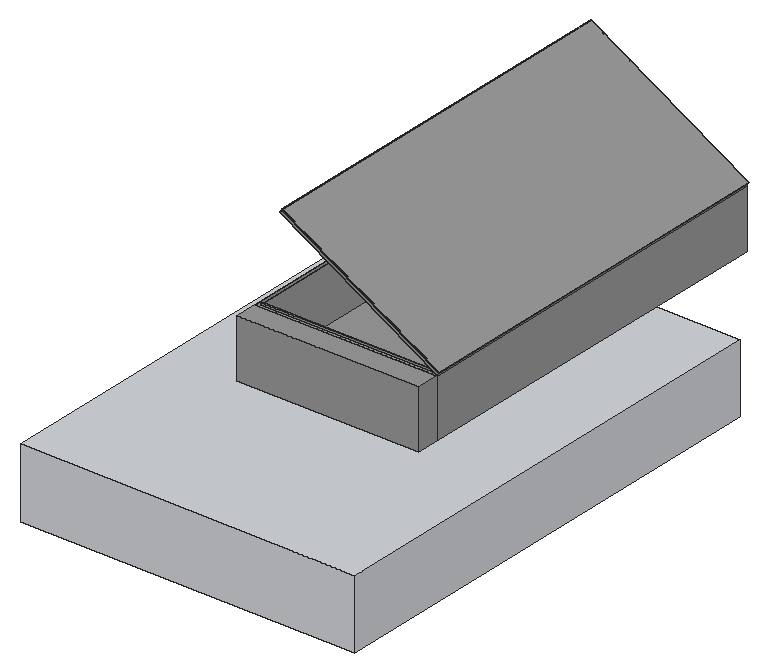
Revit family "Hager-Univers-IP55-D275-H1800-Cl.II-Steel_encl-DE-de", category Equipement électrique, Revit 2020
Family settings
  Hôte = Face
  Configuration du panneau = Deux colonnes, circuits au sein
  Cote de connecteur circulaire = Utiliser le diamètre
  Type d'élément = Tableau de raccordement
  Couper avec des vides une fois chargée = Non
  Partagée = Non
  Point de calcul de pièce = Non
Parameters (values of type "Bodenaufstellung IP55 B800 H1800 T275  - FR13S1")
  Width Control [instance] = if([EF000008 - Breite] > Min Width, [EF000008 - Breite], Min Width)  # 800 mm
  Commentaires du type = [HG000003 - Bereich]  # "Univers"
  Thickness Door [instance] = if([EF009171 - Materialstärke Tür/Deckel] > 3 mm, 3 mm, [EF009171 - Materialstärke Tür/Deckel])  # 1.5 mm
  Seal Frame Offset [instance] = 17 mm  # constant formula
  Plinth Visibility [instance] = [HG000027 - Sockelhöhe] > 0 mm  # yes
  Model = ""
  Min Width [instance] = 100 mm  # constant formula
  Min Height [instance] = 100 mm  # constant formula
  Min Depth [instance] = (2 * [EF009170 - Materialstärke Gehäuse]) + 1 mm  # 4 mm
  Internal Frame Depth [instance] = (Door System Depth * 0.5)  # 9 mm
  Height Control [instance] = if([EF000040 - Höhe] > Min Height, [EF000040 - Höhe], Min Height)  # 1800 mm
  HG000027 - Sockelhöhe = 100 mm
  HG000026 - Stehend auf dem Boden = yes
  HG000024 - Höhe des unteren Teils = 800 mm
  HG000023 - Gehäuse mit doppeltem Querschnitt = no
  HG000016 - 3D-Türsichtbarkeit [instance] = yes
  HG000015 - Sichtbarkeit der Türöffnung [instance] = no
  HG000014 - Tür rechts [instance] = yes
  HG000013 - Tür links [instance] = not([HG000014 - Tür rechts])  # no
  HG000012 - Türschwenkwinkel [instance] = 30.00°
  HG000010 - Asymmetrische Türen = no
  HG000009 - Doppelflügeligen Tür = no
  HG000006 - Unterputz = no
  HG000004 - Herstellerreferenz = "FR13S1"
  HG000003 - Bereich = "Univers"
  HG000002 - Mit tür = yes
  Frame Offset Bottom [instance] = 10 mm  # constant formula
  Frame Offset [instance] = 15 mm  # constant formula
  EF015940 - Deckel mit Überdruckentlastung = no
  EF011959 - Schutzart (NEMA) = ""
  EF009554 - Anzahl der Öffnungen für Flanschplatten = 6
  Fabricant = "Hager"  # constant formula
  EF009212 - Ausführung Deckel = "EV000116 - geschlossen"
  EF009171 - Materialstärke Tür/Deckel = 1.5 mm
  EF009170 - Materialstärke Gehäuse = 1.5 mm
  EF008873 - Nennstrom (In) = 800 A
  EF007800 - Geeignet für Blitzschutz = no
  EF006306 - Mit Schloss = no
  EF006244 - Transparenter Deckel/Tür = no
  EF005474 - Schutzart (IP) = "EV006420 - IP55"
  EF004464 - Art der Tür = "EV002646 - Einzel"
  EF004427 - Anzahl der Module = 396
  EF004293 - Schlagfestigkeit = "EV008784 - IK10"
  EF003532 - Geeignet für Außengebrauch = no
  EF002950 - Breite in Teilungseinheiten = 24
  EF001613 - Funktionserhalt = "EV000494 - ohne"
  EF001596 - Werkstoff des Gehäuses = "EV000179 - Stahl"
  EF001131 - Innentiefe = 275 mm
  EF001088 - Anbaumöglichkeit = yes
  EF000437 - Anzahl der Leitungseinführungen = 6
  EF000339 - Art der Abdeckung = "EV004216 - Tür"
  EF000266 - Anzahl der Reihen = 11
  EF000218 - Einbautiefe = 0 mm
  EF000118 - Mit Montageplatte = no
  EF000116 - RAL-Nummer = "7035"
  EF000049 - Tiefe = 275 mm
  EF000040 - Höhe = 1800 mm
  EF000008 - Breite = 800 mm
  EF000007 - Farbe = "EV000270 - grau"
  EF000003 - Montageart = "EV012274 - Bodenaufstellung"
  Door System Leaf Tolerance [instance] = 1.5 mm  # constant formula
  Door System Depth [instance] = 18 mm  # constant formula
  Door Height [instance] = Height Control - [HG000027 - Sockelhöhe]  # 1700 mm
  Depth Control [instance] = if([EF000049 - Tiefe] > Min Depth, [EF000049 - Tiefe], Min Depth)  # 275 mm
  Default Elevation = 0 mm
  Connector Offset [instance] = Height Control / 2  # 900 mm
  Bottom Top Plate Trim [instance] = 1.5 mm  # constant formula
  Plinth height Ctrl [instance] = if([HG000027 - Sockelhöhe] > 0 mm, [HG000027 - Sockelhöhe], 12 mm)  # 100 mm
Types (5, lengths in mm): name | Width Control | HG000010 - Asymmetrische Türen | HG000009 - Doppelflügeligen Tür | HG000004 - Herstellerreferenz | EF009554 - Anzahl der Öffnungen für Flanschplatten | EF004464 - Art der Tür | EF004427 - Anzahl der Module | EF000437 - Anzahl der Leitungseinführungen | EF000008 - Breite
  Bodenaufstellung IP55 B1050 H1800 T275  - FR14S1 | 1050 | yes | yes | "FR14S1" | 8 | "EV003602 - Doppel" | 528 | 8 | 1050
  Bodenaufstellung IP55 B1300 H1800 T275  - FR15S1 | 1300 | yes | yes | "FR15S1" | 10 | "EV003602 - Doppel" | 660 | 10 | 1300
  Bodenaufstellung IP55 B300 H1800 T275  - FR11S1 | 300 | no | no | "FR11S1" | 2 | "EV002646 - Einzel" | 132 | 2 | 300
  Bodenaufstellung IP55 B550 H1800 T275  - FR12S1 | 550 | no | no | "FR12S1" | 4 | "EV002646 - Einzel" | 264 | 4 | 550
  Bodenaufstellung IP55 B800 H1800 T275  - FR13S1 | 800 | no | no | "FR13S1" | 6 | "EV002646 - Einzel" | 396 | 6 | 800
Reference planes
  plane 1 "Center (Front/Back)": y = 0
  plane 2: z = 0
  plane 3 "Center (Left/Right)": x = 0
  plane 4: z = 275
  plane 5: y = 101.5
  plane 6: y = 950
  plane 7: y = 100
  plane 8: y = 1800
  plane 9: z = 0
  plane 10: x = -385
  plane 11: x = 385
  plane 12: x = 383.5
  plane 13: x = -383.5
  plane 14: y = 1798.5
  plane 15: x = -383
  plane 16: x = -400
  plane 17: x = 383
  plane 18: x = 400
  plane 19: x = 398.5
  plane 20: x = -398.5
  plane 21: y = 111.5
  plane 22: y = 1800
  plane 23: y = 1783.5
  plane 24: z = 257
  plane 25: z = 1.5
  plane 26: z = 255.5
  plane 27: z = 273.5
Forms (mm)
  Extrusion 1, solid
    sketch origin (0, 0, 0) x (1, 0, 0) y (0, 1, 0)
      loop
        line (-702.964, 1305) -> (-702.964, -811.445) -> (766.763, -811.445) -> (766.763, 1305) -> (-702.964, 1305)
    from 0 to -304.8
  Extrusion 2, solid, material "Hager_Steel_RAL7035_Light_Grey", visible <- "Plinth Visibility", detail levels medium+fine
    sketch origin (0, 0, 0) x (1, 0, 0) y (0, 1, 0)
      loop
        line (-400, 0) -> (400, 0) -> (400, 100) -> (-400, 100) -> (-400, 0)
    from 0 to 257
  Extrusion 3, solid, material "Hager_Steel_RAL7035_Light_Grey", detail levels medium+fine
    sketch origin (0, 0, 0) x (1, 0, 0) y (0, 1, 0)
      loop
        line (-400, 100) -> (400, 100) -> (400, 1800) -> (-400, 1800) -> (-400, 100)
    from 0 to 257
  Extrusion 4, void
    sketch origin (0, 0, 0) x (1, 0, 0) y (0, 1, 0)
      loop
        line (-398.5, 101.5) -> (398.5, 101.5) -> (398.5, 1798.5) -> (-398.5, 1798.5) -> (-398.5, 101.5)
    from 1.5 to 255.5
  Extrusion 5, void
    sketch origin (-381.607, -4572, 257) x (0, -1, 0) y (-1, 0, 0)
      loop
        line (-4683.5, 1.893) -> (-6355.5, 1.893) -> (-6355.5, -765.107) -> (-4683.5, -765.107) -> (-4683.5, 1.893)
    from 0 to 1.5 <- "EF009170 - Materialstärke Gehäuse"
  Extrusion 6, solid, material "Hager_Steel_RAL7035_Light_Grey", detail levels fine
    sketch origin (0, 0, 257) x (1, 0, 0) y (0, 1, 0)
      loop
        line (-383.5, 1783.5) -> (-383.5, 111.5) -> (383.5, 111.5) -> (383.5, 1783.5) -> (-383.5, 1783.5)
      loop
        line (-385, 110) -> (385, 110) -> (385, 1785) -> (-385, 1785) -> (-385, 110)
    from 0 to 9 <- "Internal Frame Depth"
  Extrusion 7, solid, material "Hager_Steel_RAL7035_Light_Grey", detail levels coarse
    sketch origin (0, 0, 0) x (1, 0, 0) y (0, 1, 0)
      loop
        line (-400, 0) -> (400, 0) -> (400, 1800) -> (-400, 1800) -> (-400, 0)
    from 0 to 275
  Sweep 8, void
    path in 3D
      loop
        line (-400, 100, 0) -> (400, 100, 0) -> (400, 100, 257) -> (-400, 100, 257) -> (-400, 100, 0)
    profile origin (-400, 100, 128.5) x (-1, 0, 0) y (0, -1, 0)
      loop
        line (0, 0) -> (0, 1.5) -> (-1.5, 1.5)
        arc (-1.5, 1.5) -> (-1.061, 0.439) -> (0, 0) r 1.5
Cuts and joins
  Extrusion 4, Extrusion 5 cuts Extrusion 3
  Sweep 8 cuts Extrusion 2
Lines and regions (mm)
  Masking region 1
    outline origin (0, 0, 0) x (1, 0, 0) y (0, 0, 1)
      loop
        line (-400, 275) -> (-400, 0) -> (400, 0) -> (400, 275) -> (-400, 275)
  Masking region 2, detail levels medium+fine
    outline origin (0, 140, 0) x (0, 1, 0) y (0, 0, 1)
      loop
        line (-40, 0) -> (1660, 0) -> (1660, 257) -> (-40, 257) -> (-40, 0)
  Masking region 3, not visible, detail levels medium+fine
    outline origin (0, 297.922, 0) x (0, 1, 0) y (0, 0, 1)
      loop
        line (663.578, 0) -> (703.578, 0) -> (703.578, 263.5)
        arc (703.578, 263.5) -> (700.649, 270.571) -> (693.578, 273.5) r 10
        line (693.578, 273.5) -> (663.578, 273.5) -> (663.578, 0)
  Masking region 4, detail levels coarse
    outline origin (0, 0, 180) x (0, 1, 0) y (0, 0, 1)
      loop
        line (0, -180) -> (1800, -180) -> (1800, 95) -> (0, 95) -> (0, -180)
  Masking region 5, visible <- "Plinth Visibility", detail levels medium+fine
    outline origin (0, 52.24, 12.345) x (0, 0, -1) y (0, 1, 0)
      loop
        line (10.845, 47.76) -> (-243.155, 47.76)
        arc (-243.155, 47.76) -> (-243.594, 46.699) -> (-244.655, 46.26) r 1.5
        line (-244.655, 46.26) -> (-244.655, -52.24) -> (12.345, -52.24) -> (12.345, 46.26)
        arc (12.345, 46.26) -> (11.285, 46.699) -> (10.845, 47.76) r 1.5
  Masking region 6, detail levels medium+fine
    outline origin (-381.607, -4572, 257) x (-1, 0, 0) y (0, -1, 0)
      loop
        line (18.393, -6372) -> (18.393, -4672) -> (-781.607, -4672) -> (-781.607, -6372) -> (18.393, -6372)
  Masking region 7, visible <- "Plinth Visibility", detail levels medium+fine
    outline origin (-381.607, -4727, 257) x (-1, 0, 0) y (0, -1, 0)
      loop
        arc (16.893, -4827) -> (17.332, -4825.939) -> (18.393, -4825.5) r 1.5
        line (18.393, -4825.5) -> (18.393, -4727) -> (-781.607, -4727) -> (-781.607, -4825.5)
        arc (-781.607, -4825.5) -> (-780.546, -4825.939) -> (-780.107, -4827) r 1.5
        line (-780.107, -4827) -> (16.893, -4827)
  Masking region 8, detail levels coarse
    outline origin (-442.548, -4669.526, 257) x (-1, 0, 0) y (0, -1, 0)
      loop
        line (-42.548, -6469.526) -> (-42.548, -4669.526) -> (-842.548, -4669.526) -> (-842.548, -6469.526) -> (-42.548, -6469.526)
  sketch lines
    curve 1: line (-400, 100, 257) -> (-400, 100, 0)
    curve 2: line (400, 100, 257) -> (-400, 100, 257)
    curve 3: line (400, 100, 257) -> (400, 100, 0)
    curve 4: line (-400, 100, 0) -> (400, 100, 0)
Dimensions and locks
  "Depth Control": plane 4 to Extrusion 1
  "HG000027 - Sockelhöhe": plane 1 "Center (Front/Back)" to plane 7
  "EF009170 - Materialstärke Gehäuse": plane 5 to plane 7
  locked: connector elem to plane 3 "Center (Left/Right)"
  equal spacing: plane 8, plane 6, plane 7
  locked: connector elem to plane 6
  "EF009170 - Materialstärke Gehäuse": plane 8 to plane 14
  "EF009170 - Materialstärke Gehäuse": plane 10 to plane 13
  "EF009170 - Materialstärke Gehäuse": plane 12 to plane 11
  "Frame Offset": plane 20 to plane 13
  "Frame Offset": plane 12 to plane 19
  "EF009170 - Materialstärke Gehäuse": plane 16 to plane 20
  "EF009170 - Materialstärke Gehäuse": plane 19 to plane 18
  "Seal Frame Offset": plane 16 to plane 15
  "Seal Frame Offset": plane 17 to plane 18
  "Frame Offset Bottom": plane 21 to plane 5
  "Frame Offset": plane 14 to plane 23
  equal spacing: plane 16, plane 3 "Center (Left/Right)", plane 18
  "Width Control": plane 16 to plane 18
  "EF009170 - Materialstärke Gehäuse": plane 4 to plane 27
  "EF009170 - Materialstärke Gehäuse": plane 24 to plane 26
  "EF009170 - Materialstärke Gehäuse": plane 25 to level
  "Door System Depth": plane 4 to plane 24
  "Height Control": plane 1 "Center (Front/Back)" to Extrusion 7 sketch curve
  "Height Control": Masking region 4 sketch curve to plane 1 "Center (Front/Back)"
  "Height Control": plane 1 "Center (Front/Back)" to plane 22
  "Bottom Top Plate Trim": profile plane to Sweep 8 sketch curve
  "Bottom Top Plate Trim": Sweep 8 sketch curve to profile plane
  "Plinth height Ctrl": plane 1 "Center (Front/Back)" to Extrusion 2 sketch curve
  "Plinth height Ctrl": Masking region 5 sketch curve to plane 1 "Center (Front/Back)"
  "Plinth height Ctrl": plane 1 "Center (Front/Back)" to Masking region 7 sketch curve
  "Thickness Door": Extrusion 6 sketch curve to Extrusion 6 sketch curve  (x3)
  "Thickness Door": cut or joined group of Extrusion 3, Extrusion 4, Extrusion 5 to Extrusion 6 sketch curve
  radius of Masking region 3 sketch curve = 10 mm
  "Bottom Top Plate Trim": radius of Masking region 5 sketch curve  (x2)
  "Bottom Top Plate Trim": radius of Sweep 8 sketch curve
  "Bottom Top Plate Trim": radius of Masking region 7 sketch curve  (x2)
  aligned and locked: plane 2 to Extrusion 1
  aligned and locked: level to Extrusion 1
  aligned and locked: level to Masking region 1 sketch curve
  aligned and locked: Masking region 1 sketch curve to plane 18
  aligned and locked: Masking region 1 sketch curve to plane 16
  aligned and locked: plane 7 to Masking region 2 sketch curve
  aligned and locked: level to Masking region 3 sketch curve
  aligned and locked: Masking region 3 sketch curve to plane 27
  aligned and locked: level to Masking region 2 sketch curve
  aligned and locked: plane 1 "Center (Front/Back)" to Extrusion 2 sketch curve
  aligned and locked: Extrusion 3 sketch curve to plane 7
  aligned and locked: plane 16 to Extrusion 3 sketch curve
  aligned and locked: plane 18 to Extrusion 3 sketch curve
  aligned and locked: plane 20 to Extrusion 4 sketch curve
  aligned and locked: plane 19 to Extrusion 4 sketch curve
  aligned and locked: Extrusion 4 sketch curve to plane 5
  aligned and locked: Extrusion 4 to plane 25
  aligned and locked: plane 26 to Extrusion 4
  aligned and locked: plane 24 to Extrusion 3
  aligned and locked: Extrusion 5 sketch curve to plane 21
  aligned and locked: Extrusion 5 sketch curve to plane 13
  aligned and locked: Extrusion 5 sketch curve to plane 12
  aligned and locked: plane 18 to Extrusion 7 sketch curve
  aligned and locked: plane 1 "Center (Front/Back)" to Extrusion 7 sketch curve
  aligned and locked: plane 16 to Extrusion 7 sketch curve
  aligned and locked: plane 4 to Extrusion 7
  aligned and locked: Extrusion 7 to level
  aligned and locked: level to Masking region 4 sketch curve
  aligned and locked: Masking region 4 sketch curve to plane 1 "Center (Front/Back)"
  aligned and locked: Masking region 4 sketch curve to plane 4
  aligned and locked: nested 1 to level
  aligned and locked: nested 1 to plane 16
  aligned and locked: plane 8 to Extrusion 3 sketch curve
  aligned and locked: plane 23 to Extrusion 5 sketch curve
  aligned and locked: plane 14 to Extrusion 4 sketch curve
  aligned and locked: Masking region 2 sketch curve to plane 8
  aligned and locked: level to Masking region 5 sketch curve
  aligned and locked: plane 16 to Extrusion 2 sketch curve
  aligned and locked: plane 18 to Extrusion 2 sketch curve
  aligned and locked: Masking region 5 sketch curve to plane 24
  aligned and locked: Masking region 2 sketch curve to plane 24
  aligned and locked: plane 24 to Extrusion 2
  aligned and locked: profile plane to Sweep 8 sketch curve  (x2)
  aligned and locked: Masking region 6 sketch curve to plane 18
  aligned and locked: Masking region 6 sketch curve to plane 22
  aligned and locked: Masking region 6 sketch curve to plane 16
  aligned and locked: plane 8 to plane 22
  aligned and locked: Masking region 6 sketch curve to plane 7
  aligned and locked: Masking region 7 sketch curve to plane 16
  aligned and locked: Masking region 7 sketch curve to plane 1 "Center (Front/Back)"
  aligned and locked: Masking region 7 sketch curve to plane 18
  aligned and locked: Masking region 8 sketch curve to plane 1 "Center (Front/Back)"
  aligned and locked: Masking region 8 sketch curve to plane 18
  aligned and locked: Masking region 8 sketch curve to plane 22
  aligned and locked: Masking region 8 sketch curve to plane 16
  aligned and locked: nested 2 to plane 7
  aligned and locked: plane 3 "Center (Left/Right)" to nested 2
  aligned and locked: nested 2 to plane 24
  aligned and locked: Extrusion 6 sketch curve to cut or joined group of Extrusion 3, Extrusion 4, Extrusion 5  (x4)
Automatic sketch dimensions
  Extrusion 1 sketch curve to Extrusion 1 sketch curve = 1469.727 mm
  Extrusion 1 sketch curve to Extrusion 1 sketch curve = 2116.445 mm
  Masking region 1 sketch curve to plane 4 = 0 mm
  plane 6 to Masking region 3 sketch curve = 11.5 mm
  Masking region 3 sketch curve to Masking region 3 sketch curve = 30 mm
  Masking region 5 sketch curve to plane 1 "Center (Front/Back)" = 0 mm
Nested families
  nested 1: "Hager_Enclosure_Symbol" at (-400, 0, 0) x (1, 0, 0) z (0, -1, 0), Height <- "Depth Control", Width <- "Width Control", type "Hager_Enclosure_Symbol"
    with Width_Ctrl 800 mm, Width 800 mm, Height_Ctrl 275 mm, Height 275 mm, A_Width_Int 18.047 mm, A_Width 216.562 mm, A_Height_Ctrl 240.625 mm, A_Height 240.625 mm
  nested 2: "EC000058_Univers_Door" at (0, 100, 257) x (1, 0, 0) z (0, 1, 0), Leaf_Tolerance <- "Door System Leaf Tolerance", Angle <- "HG000012 - Türschwenkwinkel", Door_Depth <- "Door System Depth", Door_Left <- "HG000013 - Tür links", Transparent <- "EF006244 - Transparenter Deckel/Tür", Assymetrical <- "HG000010 - Asymmetrische Türen", Width <- "Width Control", Clearance <- "HG000015 - Sichtbarkeit der Türöffnung", Double <- "HG000009 - Doppelflügeligen Tür", 3d_Door <- "HG000016 - 3D-Türsichtbarkeit", Lock_Visibility <- "EF006306 - Mit Schloss", Width_Ctrl <- "Width Control", Door_Right <- "HG000014 - Tür rechts", Door <- "HG000002 - Mit tür", Height <- "Door Height", Thickness <- "Thickness Door", type "EC000058_Univers_Door", detail levels medium+fine
    with min_wh 4 mm, Width_Ctrl 800 mm, Width 800 mm, Transparent no, Thickness 1.5 mm, Seal_Material Hager_Rubber, Lock_Visibility no, Lock_Material Hager_Plastic_RAL9005_Jet_Black, Leaf_Width 800 mm, Leaf_Tolerance_External_Sides 0 mm, Leaf_Tolerance 1.5 mm, Leaf_Offset 0 mm, Leaf_Height 1697 mm, Leaf_2_Width 800 mm, Leaf_2_Offset 400 mm, Leaf_1_Width 800 mm, Leaf_1_Offset 400 mm, Height_Ctrl 1700 mm, Height 1700 mm, Glass_Material Hager_Glass, Double_Clearance_Ctrl no, Double no, Door_Right_Ctrl yes, Door_Right yes, Door_Material Hager_Steel_RAL7035_Light_Grey, Door_Left_Ctrl no, Door_Left no, Door_Depth 18 mm, Door yes, Clearance_Material Hager_Clearance, Clearance_Depth 800 mm, Clearance_Ctrl no, Clearance no, Assymetrical no, Angle 30.00°, 3d_Door yes
Connectors
  electrical at (0, 950, 0)
    settings: on plane 9, index 1, voltage 0 V, apparent load 0 VA, apparent load phase1 0 VA, apparent load phase2 0 VA, apparent load phase3 0 VA, power factor 1, load classification "Other", number of poles 1, system type 30, power factor state 1, is connector primary yes, connector utility no, sub classification motor no, connector description ""
Definition of nested family "EC000058_Univers_Door"
  Parameters (values of type "EC000058_Univers_Door")
    min_wh [instance] = (2 * Thickness) + 1 mm  # 11 mm
    Width_Ctrl [instance] = 400 mm
    Width [instance] = 500 mm
    Transparent [instance] = yes
    Thickness [instance] = 5 mm
    Seal_Material [instance] = none
    Lock_Visibility [instance] = yes
    Lock_Material [instance] = none
    Leaf_Width [instance] = if((Width_Ctrl - 2 * Leaf_Tolerance_External_Sides) > 0 mm, (Width_Ctrl - 2 * Leaf_Tolerance_External_Sides), min_wh)  # 400 mm
    Leaf_Tolerance_External_Sides [instance] = 0 mm  # constant formula
    Leaf_Tolerance [instance] = 1.5 mm
    Leaf_Offset [instance] = 0 mm  # constant formula
    Leaf_Height [instance] = if((Height_Ctrl - 2 * Leaf_Tolerance) > 0 mm, (Height_Ctrl - 2 * Leaf_Tolerance), min_wh)  # 497 mm
    Leaf_2_Width [instance] = if(and(and(Double, Assymetrical), Door_Left), (Leaf_Width / 3) - (Leaf_Tolerance / 2), if(and(and(Double, Assymetrical), Door_Right), (Leaf_Width / 3) * 2 - (Leaf_Tolerance / 2), if(and(Double, not(Assymetrical)), (Leaf_Width / 2) - Leaf_Tolerance, Leaf_Width)))  # 400 mm
    Leaf_2_Offset [instance] = if(and(Double, Assymetrical), Leaf_2_Width / 2, if(and(Double, not(Assymetrical)), Leaf_Width / 4, Leaf_Width / 2))  # 200 mm
    Leaf_1_Width [instance] = if(and(and(Double, Assymetrical), Door_Right), (Leaf_Width / 3) - (Leaf_Tolerance / 2), if(and(and(Double, Assymetrical), Door_Left), (Width / 3) * 2 - (Leaf_Tolerance / 2), if(and(Double, not(Assymetrical)), (Leaf_Width / 2) - Leaf_Tolerance, Leaf_Width)))  # 400 mm
    Leaf_1_Offset [instance] = if(and(Double, Assymetrical), Leaf_1_Width / 2, if(and(Double, not(Assymetrical)), Leaf_Width / 4, Leaf_Width / 2))  # 200 mm
    Height_Ctrl [instance] = if(Height > min_wh, Height, min_wh)  # 500 mm
    Height [instance] = 500 mm
    Glass_Material [instance] = none
    Double_Clearance_Ctrl [instance] = and(Double, Clearance)  # no
    Double [instance] = no
    Door_Right_Ctrl [instance] = and(or(Door_Right, Double), Door)  # yes
    Door_Right [instance] = yes
    Door_Material [instance] = none
    Door_Left_Ctrl [instance] = and(or(Door_Left, Double), Door)  # no
    Door_Left [instance] = no
    Door_Depth [instance] = 30 mm
    Door [instance] = yes
    Default Elevation = 1219.2 mm
    Clearance_Material [instance] = none
    Clearance_Depth [instance] = if(Leaf_1_Width > Leaf_2_Width, Leaf_1_Width, Leaf_2_Width)  # 400 mm
    Clearance_Ctrl [instance] = and(not(Double), Clearance)  # yes
    Clearance [instance] = yes
    Assymetrical [instance] = yes
    Angle [instance] = 30.00°
    3d_Door [instance] = yes
  Reference planes
    plane 1 "Center (Front/Back)": y = 0
    plane 2 "Bottom": z = 0
    plane 3 "Center (Left/Right)": x = 0
    plane 4: z = 500
    plane 5: x = -200
    plane 6: x = 200
    plane 7: z = 500
    plane 8: x = -200
    plane 9: z = 0
    plane 10: x = 200
    plane 11: y = 0
    plane 12: z = 1.5
    plane 13: x = -600
    plane 14: y = -400
    plane 15: x = 600
    plane 16: x = 0
    plane 17: x = 0
    plane 18: x = -200
    plane 19: x = 200
    plane 20: z = 498.5
  Forms (mm)
    Extrusion 1, solid, material <- "Clearance_Material", visible <- "Double_Clearance_Ctrl"
      sketch origin (1200, 0, 0) x (1, 0, 0) y (0, 0, -1)
        loop
          line (-1800, -498.5) -> (-600, -498.5) -> (-600, 0) -> (-1800, 0) -> (-1800, -498.5)
      from 0 to -400
  Dimensions and locks
    equal spacing: plane 5, plane 3 "Center (Left/Right)", plane 6
    "Width_Ctrl": plane 5 to plane 6
    "Leaf_Offset": plane 5 to plane 8
    "Leaf_Offset": plane 6 to plane 10
    "Leaf_Offset": plane 9 to level
    "Leaf_Offset": plane 4 to plane 7
    "Height_Ctrl": plane 4 to level
    "Leaf_Tolerance": plane 12 to plane 9
    locked: plane 11 to plane 1 "Center (Front/Back)"
    "Leaf_1_Offset": plane 18 to plane 16
    "Leaf_2_Offset": plane 17 to plane 19
    "Leaf_1_Width": plane 13 to plane 8
    "Leaf_2_Width": plane 10 to plane 15
    "Clearance_Depth": plane 14 to plane 1 "Center (Front/Back)"
    "Leaf_Tolerance_External_Sides": plane 8 to plane 18
    "Leaf_Tolerance_External_Sides": plane 19 to plane 10
    "Leaf_Tolerance": plane 7 to plane 20
    aligned and locked: level to plane 2 "Bottom"
    aligned and locked: nested 1 to plane 16
    aligned and locked: nested 2 to plane 17
    aligned and locked: Extrusion 1 to plane 13
    aligned and locked: plane 15 to Extrusion 1
    aligned and locked: Extrusion 1 to plane 14
    aligned and locked: plane 12 to nested 1
    aligned and locked: nested 2 to plane 12
    aligned and locked: Extrusion 1 to plane 11
    aligned and locked: plane 20 to Extrusion 1
    aligned and locked: nested 2 to plane 11
    aligned and locked: nested 1 to plane 11
  Automatic sketch dimensions
    Extrusion 1 sketch curve to level = 0 mm
    plane 5 to Extrusion 1 sketch curve = 400 mm
    plane 6 to Extrusion 1 sketch curve = 400 mm
    Extrusion 1 sketch curve to plane 4 = 1.5 mm
  Nested families
    nested 1: "EC000058_Univers_Door_Leaf" at (0, 0, 1.5), Width <- "Leaf_1_Width", visible <- "Door_Left_Ctrl", Leaf_Height <- "Leaf_Height", Angle <- "Angle", 3d_Door <- "3d_Door", Transparent <- "Transparent", Clearance Material <- "Clearance_Material", Clearance <- "Clearance_Ctrl", Door_Material <- "Door_Material", Glass_Material <- "Glass_Material", Door_Depth <- "Door_Depth", Lock_Material <- "Lock_Material", Seal_Material <- "Seal_Material", Lock_Visibility <- "Lock_Visibility", Thickness <- "Thickness", type "EC000058_Univers_Door_Leaf"
      with Width 400 mm, Transparent_Glass_Offset 30 mm, Transparent_Ctrl yes, Transparent yes, Thickness 5 mm, Standard no, Seal_Material none, Seal_D2 8 mm, Seal_D1 1 mm, Offset_Internal_Frame 10 mm, Lock_Width 20 mm, Lock_Visibility_3d yes, Lock_Visibility yes, Lock_Thickness_3 3 mm, Lock_Thickness_2 1 mm, Lock_Thickness_1 3 mm, Lock_Radius_Offset_2 16 mm, Lock_Radius_Offset_1 15 mm, Lock_Radius_2 5 mm, Lock_Radius 6 mm, Lock_Offset 5 mm, Lock_Material none, Lock_Height 80 mm, Lock_Cover_Top_Offset_2d 17 mm, Lock_Cover_Height -65 mm, Leaf_Height 497 mm, Internal_Seal_Thickness 8 mm, Internal_Seal_Depth_2 4.5 mm, Internal_Frame_Depth 25 mm, Glass_Thickness -1 mm, Glass_Offset -2 mm, Glass_Material none, Door_Material none, Door_Depth 30 mm, Clearance Material none, Clearance yes, Angle_Ctrl 30.00°, Angle 30.00°, 3d_Door yes
    nested 2: "EC000058_Univers_Door_Leaf" at (0, 0, 1.5) x (-1, 0, 0) z (0, 0, 1), Width <- "Leaf_2_Width", visible <- "Door_Right_Ctrl", Leaf_Height <- "Leaf_Height", Angle <- "Angle", 3d_Door <- "3d_Door", Transparent <- "Transparent", Clearance Material <- "Clearance_Material", Clearance <- "Clearance_Ctrl", Door_Material <- "Door_Material", Glass_Material <- "Glass_Material", Door_Depth <- "Door_Depth", Lock_Material <- "Lock_Material", Seal_Material <- "Seal_Material", Lock_Visibility <- "Lock_Visibility", Thickness <- "Thickness", type "EC000058_Univers_Door_Leaf"
      with Width 400 mm, Transparent_Glass_Offset 30 mm, Transparent_Ctrl yes, Transparent yes, Thickness 5 mm, Standard no, Seal_Material none, Seal_D2 8 mm, Seal_D1 1 mm, Offset_Internal_Frame 10 mm, Lock_Width 20 mm, Lock_Visibility_3d yes, Lock_Visibility yes, Lock_Thickness_3 3 mm, Lock_Thickness_2 1 mm, Lock_Thickness_1 3 mm, Lock_Radius_Offset_2 16 mm, Lock_Radius_Offset_1 15 mm, Lock_Radius_2 5 mm, Lock_Radius 6 mm, Lock_Offset 5 mm, Lock_Material none, Lock_Height 80 mm, Lock_Cover_Top_Offset_2d 17 mm, Lock_Cover_Height -65 mm, Leaf_Height 497 mm, Internal_Seal_Thickness 8 mm, Internal_Seal_Depth_2 4.5 mm, Internal_Frame_Depth 25 mm, Glass_Thickness -1 mm, Glass_Offset -2 mm, Glass_Material none, Door_Material none, Door_Depth 30 mm, Clearance Material none, Clearance yes, Angle_Ctrl 30.00°, Angle 30.00°, 3d_Door yes
  Definition of nested family "EC000058_Univers_Door_Leaf"
    Parameters (values of type "EC000058_Univers_Door_Leaf")
      Width [instance] = 2000 mm
      Transparent_Glass_Offset [instance] = 30 mm
      Transparent_Ctrl [instance] = and(Transparent, [3d_Door])  # yes
      Transparent [instance] = yes
      Thickness [instance] = 5 mm
      Standard [instance] = and(not(Transparent), [3d_Door])  # no
      Seal_Material [instance] = none
      Seal_D2 [instance] = 8 mm  # constant formula
      Seal_D1 [instance] = 1 mm  # constant formula
      Offset_Internal_Frame [instance] = 10 mm  # constant formula
      Lock_Width [instance] = 20 mm  # constant formula
      Lock_Visibility_3d [instance] = and(Lock_Visibility, [3d_Door])  # yes
      Lock_Visibility [instance] = yes
      Lock_Thickness_3 [instance] = 3 mm  # constant formula
      Lock_Thickness_2 [instance] = 1 mm  # constant formula
      Lock_Thickness_1 [instance] = 3 mm  # constant formula
      Lock_Radius_Offset_2 [instance] = Lock_Radius_Offset_1 + 1 mm  # 16 mm
      Lock_Radius_Offset_1 [instance] = 15 mm  # constant formula
      Lock_Radius_2 [instance] = Lock_Radius - 1 mm  # 5 mm
      Lock_Radius [instance] = 6 mm  # constant formula
      Lock_Offset [instance] = 5 mm  # constant formula
      Lock_Material [instance] = none
      Lock_Height [instance] = 80 mm  # constant formula
      Lock_Cover_Top_Offset_2d [instance] = Lock_Radius_Offset_2 + 1 mm  # 17 mm
      Lock_Cover_Height [instance] = -(Lock_Height - Lock_Radius_Offset_1)  # -65 mm
      Leaf_Height [instance] = 2720.336 mm
      Internal_Seal_Thickness [instance] = 8 mm  # constant formula
      Internal_Seal_Depth_2 [instance] = 4.5 mm  # constant formula
      Internal_Frame_Depth [instance] = if(Door_Depth - Thickness > 5 mm, Door_Depth - Thickness, 5 mm)  # 25 mm
      Glass_Thickness [instance] = if(Thickness > 15 mm, Glass_Offset + 10 mm, -1 mm)  # -1 mm
      Glass_Offset [instance] = if(Thickness > 15 mm, -(Thickness + 10 mm) / 2, -2 mm)  # -2 mm
      Glass_Material [instance] = none
      Door_Material [instance] = none
      Door_Depth [instance] = 30 mm
      Default Elevation = 0 mm
      Clearance Material [instance] = none
      Clearance [instance] = yes
      Angle_Ctrl [instance] = if(Angle > 180.00°, 180.00°, Angle)  # 90.00°
      Angle [instance] = 90.00°
      3d_Door [instance] = yes
    Reference planes
      plane 1 "Center (Front/Back)": y = 0
      plane 2: z = 0
      plane 3 "Center (Left/Right)": x = 0
      plane 4: y = 2000
      plane 5: x = -1000
      plane 6: x = 1000
      plane 7: x = -3000
      plane 8: z = 2720.336
      plane 9: z = 30
      plane 10: z = 2690.336
      plane 11: x = 970
      plane 12: x = -970
      plane 13: y = -3
      plane 14: z = 107.833
      plane 15: y = -5
      plane 16: y = -223.314
      plane 17: x = -1000
      plane 18: z = 1360.168
      plane 19: y = 30
    Forms (mm)
      Extrusion 1, solid, material <- "Clearance Material", visible <- "Clearance"
        sketch origin (0, 0, 0) x (1, 0, 0) y (0, 0, 1)
          loop
            line (-3000, 2720.336) -> (-3000, 0) -> (1000, 0) -> (1000, 2720.336) -> (-3000, 2720.336)
        from 0 to -2000
      Extrusion 2, solid, material <- "Door_Material", visible <- "Standard", detail levels medium+fine
        sketch origin (-1000, 0, 0) x (0, 1, 0) y (-1, 0, 0)
          loop
            line (0, 30) -> (0, 25) -> (2000, 25) -> (2000, 30) -> (0, 30)
        from 0 to 2720.336 <- "Leaf_Height"
      Extrusion 3, solid, material <- "Door_Material", visible <- "Transparent_Ctrl", detail levels medium+fine
        sketch origin (-1000, 0, 0) x (0, 1, 0) y (-1, 0, 0)
          loop
            line (0, 25) -> (2000, 25) -> (2000, 30) -> (0, 30) -> (0, 25)
        from 0 to 2720.336 <- "Leaf_Height"
      Extrusion 4, void
        sketch origin (-1025, 2000, 0) x (0, 1, 0) y (0, 0, -1)
          loop
            line (-30, -2690.336) -> (-30, -30) -> (-1970, -30) -> (-1970, -2690.336) -> (-30, -2690.336)
        from 0 to 5 <- "Thickness"
      Sweep 5, solid, material <- "Seal_Material", visible <- "Transparent_Ctrl", detail levels fine
        path in 3D
          loop
            line (-1025, 30, 30) -> (-1025, 30, 2690.336) -> (-1025, 1970, 2690.336) -> (-1025, 1970, 30) -> (-1025, 30, 30)
        profile origin (-1025, 1000, 30) x (1, 0, 0) y (0, 0, 1)
          loop
            line (0, 0) -> (0, -8) -> (1, -8) -> (1, 0) -> (0, 0)
      Extrusion 6, solid, material <- "Glass_Material", visible <- "Transparent_Ctrl", detail levels medium+fine
        sketch origin (-1030, 0, 0) x (0, 1, 0) y (0, 0, -1)
          loop
            line (1970, -2690.336) -> (1970, -30) -> (30, -30) -> (30, -2690.336) -> (1970, -2690.336)
        from -2 <- "Glass_Offset" to -1 <- "Glass_Thickness"
      Extrusion 7, solid, material <- "Door_Material", visible <- "3d_Door", detail levels medium+fine
        sketch origin (-1025, 2000, 0) x (0, -1, 0) y (0, 0, -1)
          loop
            line (0, -2720.336) -> (2000, -2720.336) -> (2000, 0) -> (0, 0) -> (0, -2720.336)
          loop
            line (1995, -5) -> (5, -5) -> (5, -2715.336) -> (1995, -2715.336) -> (1995, -5)
        from 0 to 25 <- "Internal_Frame_Depth"
      Sweep 8, solid, material <- "Seal_Material", visible <- "Transparent_Ctrl", detail levels fine
        path in 3D
          loop
            line (-1025, 0, 0) -> (-1025, 2000, 0) -> (-1025, 2000, 2720.336) -> (-1025, 0, 2720.336) -> (-1025, 0, 0)
        profile origin (-1025, 0, 1360.168) x (1, 0, 0) y (0, 1, 0)
          loop
            line (0, 10) -> (2.975, 10)
            arc (2.975, 10) -> (4.053, 10.447) -> (4.5, 11.525) r 1.525
            line (4.5, 11.525) -> (4.5, 16.527)
            arc (4.5, 16.527) -> (4.069, 17.569) -> (3.027, 18) r 1.473
            line (3.027, 18) -> (0, 18) -> (0, 10)
      Extrusion 9, solid, material <- "Lock_Material", visible <- "Lock_Visibility_3d", detail levels fine
        sketch origin (-1030, 0, 0) x (0, 1, 0) y (0, 0, -1)
          loop
            arc (1993.5, -1400.168) -> (1994.561, -1399.729) -> (1995, -1398.668) r 1.5
            line (1995, -1398.668) -> (1995, -1320.168) -> (1975, -1320.168) -> (1975, -1398.668)
            arc (1975, -1398.668) -> (1975.439, -1399.729) -> (1976.5, -1400.168) r 1.5
            line (1976.5, -1400.168) -> (1993.5, -1400.168)
        from 3 <- "Lock_Thickness_1" to 0
      Blend 10, solid, material <- "Lock_Material", visible <- "Lock_Visibility_3d", detail levels fine
        base sketch origin (-1033, 0, 0) x (0, 1, 0) y (0, 0, -1)
          loop
            line (1975, -1320.168) -> (1975, -1398.668)
            arc (1975, -1398.668) -> (1975.439, -1399.729) -> (1976.5, -1400.168) r 1.5
            line (1976.5, -1400.168) -> (1993.5, -1400.168)
            arc (1993.5, -1400.168) -> (1994.561, -1399.729) -> (1995, -1398.668) r 1.5
            line (1995, -1398.668) -> (1995, -1320.168) -> (1975, -1320.168)
        top sketch origin (-1033, 0, 0) x (0, 1, 0) y (0, 0, -1)
          loop
            line (1976, -1320.168) -> (1976, -1398.668)
            arc (1976, -1398.668) -> (1976.146, -1399.022) -> (1976.5, -1399.168) r 0.5
            line (1976.5, -1399.168) -> (1993.5, -1399.168)
            arc (1993.5, -1399.168) -> (1993.854, -1399.022) -> (1994, -1398.668) r 0.5
            line (1994, -1398.668) -> (1994, -1320.168) -> (1976, -1320.168)
        from 0 to 1 <- "Lock_Thickness_2"
      Blend 11, solid, material <- "Lock_Material", visible <- "Lock_Visibility_3d", detail levels fine
        base sketch origin (-1034, 0, 0) x (0, 1, 0) y (0, 0, -1)
          loop
            line (1978, -1320.168) -> (1978, -1384.168)
            arc (1978, -1384.168) -> (1985, -1391.168) -> (1992, -1384.168) r 7
            line (1992, -1384.168) -> (1992, -1320.168) -> (1978, -1320.168)
        top sketch origin (-1034, 0, 0) x (0, 1, 0) y (0, 0, -1)
          loop
            line (1991, -1320.168) -> (1979, -1320.168) -> (1979, -1383.168)
            arc (1979, -1383.168) -> (1985, -1389.168) -> (1991, -1383.168) r 6
            line (1991, -1383.168) -> (1991, -1320.168)
        from 0 to 3 <- "Lock_Thickness_3"
      Extrusion 12, solid, material <- "Lock_Material", visible <- "Lock_Visibility_3d", detail levels fine
        sketch origin (-1030, 1975, 1320.168) x (1, 0, 0) y (0, -1, 0)
          loop
            line (-7, -19) -> (-7, -1) -> (0, -1) -> (0, 0) -> (-8, 0) -> (-8, -20) -> (0, -20) -> (0, -19) -> (-7, -19)
        from 0 to -65 <- "Lock_Cover_Height"
      Extrusion 13, void
        sketch origin (-1038, 1995, 1320.168) x (-1, 0, 0) y (0, 0, -1)
          loop
            line (-5, -65) -> (0, -65) -> (-5, -60) -> (-5, -65)
        from 0 to 20 <- "Lock_Width"
      Extrusion 14, void
        sketch origin (-1038, 1975, 1320.168) x (0, -1, 0) y (0, 0, -1)
          loop
            circle (-10, -15.995) r 6
          loop
            circle (-10, -15.995) r 5
        from 0 to 2
      Extrusion 15, solid, material <- "Lock_Material", visible <- "Lock_Visibility_3d", detail levels medium
        sketch origin (-1030, 0, 0) x (0, 1, 0) y (0, 0, -1)
          loop
            arc (1993.5, -1400.168) -> (1994.561, -1399.729) -> (1995, -1398.668) r 1.5
            line (1995, -1398.668) -> (1995, -1320.168) -> (1975, -1320.168) -> (1975, -1398.668)
            arc (1975, -1398.668) -> (1975.439, -1399.729) -> (1976.5, -1400.168) r 1.5
            line (1976.5, -1400.168) -> (1993.5, -1400.168)
        from 8 to 0
    Cuts and joins
      Extrusion 4 cuts Extrusion 3
      Extrusion 13, Extrusion 14 cuts Extrusion 9
      Extrusion 14 cuts Blend 11
      Extrusion 13, Extrusion 14 cuts Extrusion 12
      joined: Extrusion 9, Blend 10, Blend 11, Extrusion 12
      Extrusion 14 cuts Extrusion 15
    Lines and regions (mm)
      Masking region 1, visible <- "Lock_Visibility", detail levels fine
        outline origin (0, 0, 0) x (0, 1, 0) y (0, 0, 1)
          loop
            line (30, 1320.168) -> (33, 1320.168) -> (33, 1400.168) -> (30, 1400.168) -> (30, 1320.168)
      Masking region 2, visible <- "Lock_Visibility", detail levels fine
        outline origin (0, 3.143, 0) x (0, 1, 0) y (0, 0, 1)
          loop
            line (29.857, 1354.168) -> (30.857, 1354.168) -> (30.857, 1366.168) -> (29.857, 1366.168) -> (29.857, 1354.168)
      Masking region 3, detail levels medium+fine
        outline origin (0, 0, 0) x (0, 1, 0) y (0, 0, 1)
          loop
            line (0, 0) -> (30, 0) -> (30, 2720.336) -> (0, 2720.336) -> (0, 0)
      Masking region 4, detail levels medium+fine
        outline origin (0, 0, 0) x (1, 0, 0) y (0, 0, 1)
          loop
            line (-1000, 2720.336) -> (-1000, 0) -> (1000, 0) -> (1000, 2720.336) -> (-1000, 2720.336)
      Masking region 5, visible <- "Lock_Visibility", detail levels fine
        outline origin (-47.116, 0, 0) x (1, 0, 0) y (0, 0, 1)
          loop
            arc (1024.616, 1399.168) -> (1023.556, 1398.729) -> (1023.116, 1397.668) r 1.5
            line (1023.116, 1397.668) -> (1023.116, 1320.168) -> (1041.116, 1320.168) -> (1041.116, 1397.668)
            arc (1041.116, 1397.668) -> (1040.677, 1398.729) -> (1039.616, 1399.168) r 1.5
            line (1039.616, 1399.168) -> (1024.616, 1399.168)
      Masking region 6, visible <- "Lock_Visibility", detail levels medium+fine
        outline origin (-25, 0, 0) x (1, 0, 0) y (0, 0, 1)
          loop
            arc (1001.5, 1400.168) -> (1000.439, 1399.729) -> (1000, 1398.668) r 1.5
            line (1000, 1398.668) -> (1000, 1320.168) -> (1020, 1320.168) -> (1020, 1398.668)
            arc (1020, 1398.668) -> (1019.561, 1399.729) -> (1018.5, 1400.168) r 1.5
            line (1018.5, 1400.168) -> (1001.5, 1400.168)
      Masking region 7, visible <- "Lock_Visibility", detail levels fine
        outline origin (-73.735, 0, 0) x (1, 0, 0) y (0, 0, 1)
          loop
            line (1051.735, 1382.168) -> (1065.735, 1382.168) -> (1065.735, 1384.168)
            arc (1065.735, 1384.168) -> (1058.735, 1391.168) -> (1051.735, 1384.168) r 7
            line (1051.735, 1384.168) -> (1051.735, 1382.168)
      Masking region 8, visible <- "Lock_Visibility", detail levels fine
        outline origin (-73.735, 0, 0) x (1, 0, 0) y (0, 0, 1)
          loop
            line (1052.735, 1382.168) -> (1064.735, 1382.168) -> (1064.735, 1383.168)
            arc (1064.735, 1383.168) -> (1058.735, 1389.168) -> (1052.735, 1383.168) r 6
            line (1052.735, 1383.168) -> (1052.735, 1382.168)
      Masking region 9, visible <- "Lock_Visibility", detail levels fine
        outline origin (-25, 0, 0) x (1, 0, 0) y (0, 0, 1)
          loop
            line (1020, 1320.168) -> (1020, 1382.168) -> (1000, 1382.168) -> (1000, 1320.168) -> (1020, 1320.168)
      Masking region 10, detail levels medium+fine
        outline origin (0, 0, 0) x (1, 0, 0) y (0, 0, 1)
          loop
            circle (985, 1335.144) r 6
      Masking region 11, detail levels fine
        outline origin (0, 0, 0) x (1, 0, 0) y (0, 0, 1)
          loop
            circle (985, 1335.144) r 5
      Masking region 12, visible <- "Lock_Visibility", detail levels fine
        outline origin (0, 12.767, 0) x (0, 1, 0) y (0, 0, 1)
          loop
            line (20.233, 1320.168) -> (21.233, 1320.168) -> (21.233, 1399.168) -> (20.233, 1400.168) -> (20.233, 1320.168)
      Masking region 13, visible <- "Lock_Visibility", detail levels fine
        outline origin (0, 13.767, -10) x (0, 1, 0) y (0, 0, 1)
          loop
            line (20.233, 1330.168) -> (23.233, 1330.168) -> (23.233, 1399.168) -> (20.233, 1402.168) -> (20.233, 1330.168)
      Masking region 14, visible <- "Lock_Visibility", detail levels fine
        outline origin (0, 12.767, -10) x (0, 1, 0) y (0, 0, 1)
          loop
            line (20.233, 1330.168) -> (25.233, 1330.168) -> (25.233, 1399.305) -> (20.233, 1394.305) -> (20.233, 1330.168)
      Masking region 15, visible <- "Lock_Visibility", detail levels medium
        outline origin (0, 0, 0) x (0, 1, 0) y (0, 0, 1)
          loop
            line (30, 1320.168) -> (38, 1320.168) -> (38, 1400.168) -> (30, 1400.168) -> (30, 1320.168)
      Masking region 16, visible <- "Lock_Visibility", detail levels fine
        outline origin (-1000, 0, 0) x (0, 1, 0) y (-1, 0, 0)
          loop
            line (1975, 30) -> (1995, 30) -> (1995, 38) -> (1975, 38) -> (1975, 30)
          loop
            line (1979, 37) -> (1976, 37) -> (1976, 34) -> (1978, 34) -> (1979, 37)
          loop
            line (1994, 37) -> (1991, 37) -> (1992, 34) -> (1994, 34) -> (1994, 37)
      Masking region 17, visible <- "Lock_Visibility", detail levels medium
        outline origin (-1000, 0, 0) x (0, 1, 0) y (-1, 0, 0)
          loop
            line (1975, 30) -> (1995, 30) -> (1995, 38) -> (1975, 38) -> (1975, 30)
      symbolic lines
        curve 1: line (1000, 0, 0) -> (-3000, 0, 0)
        curve 2: arc (1000, 0, 0) -> (-1000, 2000, 0) -> (-3000, 0, 0) r 2000
        curve 4: line (-1030, 0, 0) -> (-1030, 2000, 0)
      reference lines
        curve 3: line (-1000, 0, 0) -> (-1000, 2000, 0)
      symbolic lines, detail levels medium+fine
        curve 5: line (-1030, 2000, 0) -> (-1025, 2000, 0)
        curve 7: line (-1025, 0, 0) -> (-1030, 0, 0)
        curve 8: line (-1025, 0, 0) -> (-1000, 0, 0)
        curve 9: line (-1000, 0, 0) -> (-1000, 2000, 0)
        curve 10: line (-1000, 2000, 0) -> (-1025, 2000, 0)
      symbolic lines, detail levels fine
        curve 6: line (-1025, 2000, 0) -> (-1025, 0, 0)
      sketch lines
        curve 11: line (-1025, 0, 2720.336) -> (-1025, 0, 0)
        curve 12: line (-1025, 2000, 0) -> (-1025, 0, 0)
        curve 13: line (-1025, 2000, 2720.336) -> (-1025, 2000, 0)
        curve 14: line (-1025, 0, 2720.336) -> (-1025, 2000, 2720.336)
        curve 15: line (-1025, 1970, 30) -> (-1025, 30, 30)
        curve 16: line (-1025, 30, 30) -> (-1025, 30, 2690.336)
        curve 17: line (-1025, 1970, 2690.336) -> (-1025, 1970, 30)
        curve 18: line (-1025, 30, 2690.336) -> (-1025, 1970, 2690.336)
      symbolic lines, visible <- "Transparent", detail levels medium+fine
        curve 19: line (-970, 0, 2690.336) -> (970, 0, 2690.336)
        curve 20: line (-970, 0, 30) -> (-970, 0, 2690.336)
        curve 21: line (970, 0, 30) -> (-970, 0, 30)
        curve 22: line (970, 0, 2690.336) -> (970, 0, 30)
    Dimensions and locks
      "Width": plane 1 "Center (Front/Back)" to plane 4
      equal spacing: plane 5, plane 3 "Center (Left/Right)", plane 6
      "Width": plane 5 to plane 6
      "Width": plane 7 to plane 5
      "Leaf_Height": plane 8 to level
      "Width": curve 5 to curve 3
      "Width": curve 3 to curve 3
      plane 8 to plane 10 = 30 mm
      plane 9 to level = 30 mm
      plane 12 to plane 5 = 30 mm
      plane 6 to plane 11 = 30 mm
      Extrusion 1 to Extrusion 4 sketch curve = 30 mm
      "Transparent_Glass_Offset": curve 3 to Extrusion 4 sketch curve
      "Transparent_Glass_Offset": Extrusion 4 sketch curve to cut or joined group of Extrusion 3, Extrusion 4  (x2)
      cut or joined group of Extrusion 3, Extrusion 4 to Extrusion 6 sketch curve = 30 mm
      "Transparent_Glass_Offset": cut or joined group of Extrusion 3, Extrusion 4 to Extrusion 4 sketch curve
      "Thickness": curve 6 to curve 4
      "Thickness": Extrusion 7 sketch curve to Extrusion 7 sketch curve  (x4)
      "Door_Depth": curve 4 to curve 3
      "Offset_Internal_Frame": profile plane to Sweep 8 sketch curve
      "Internal_Seal_Thickness": Sweep 8 sketch curve to Sweep 8 sketch curve
      "Internal_Seal_Depth_2": profile plane to Sweep 8 sketch curve
      "Seal_D1": profile plane to Sweep 5 sketch curve
      "Seal_D2": profile plane to Sweep 5 sketch curve
      "Thickness": Extrusion 2 sketch curve to Extrusion 2 sketch curve
      equal spacing: Extrusion 9 sketch curve, plane 18, Extrusion 9 sketch curve  (x2)
      equal spacing: Masking region 1 sketch curve, plane 18, Masking region 1 sketch curve
      "Lock_Height": Masking region 1 sketch curve to Masking region 1 sketch curve
      "Lock_Radius": Masking region 2 sketch curve to plane 18 to Masking region 2 sketch curve
      Masking region 2 sketch curve to Masking region 1 = 1 mm
      "Door_Depth": plane 19 to plane 1 "Center (Front/Back)"
      "Lock_Thickness_1": Masking region 1 sketch curve to plane 19
      "Lock_Width": Extrusion 9 sketch curve to Extrusion 9 sketch curve
      "Lock_Height": Extrusion 9 sketch curve to Extrusion 9 sketch curve
      "Lock_Offset": cut or joined group of Extrusion 3, Extrusion 4 to Extrusion 9 sketch curve
      equal spacing: plane 8, plane 18, level
      "Lock_Radius_Offset_1": Blend 11 sketch curve to Blend 10
      locked: Blend 10 to Blend 11 sketch curve at 2  (x2)
      locked: var sketch to Blend 11 sketch curve at 1  (x2)
      "Lock_Radius_Offset_2": Blend 11 sketch curve to Blend 10
      locked: Extrusion 12 sketch curve to Extrusion 12 sketch curve at 1  (x3)
      Masking region 6 sketch curve to Masking region 6 sketch curve = 80 mm
      "Lock_Height": Masking region 6 sketch curve to Masking region 6 sketch curve
      "Lock_Width": Masking region 6 sketch curve to Masking region 6 sketch curve
      locked: Masking region 6 to Masking region 5 sketch curve at 1  (x3)
      locked: Masking region 5 to Masking region 7 sketch curve at 2  (x2)
      "Lock_Radius_Offset_1": Masking region 5 to Masking region 7 sketch curve
      "Lock_Radius_Offset_2": Masking region 5 to Masking region 8 sketch curve
      locked: Masking region 7 to Masking region 8 sketch curve at 1  (x2)
      "Lock_Cover_Top_Offset_2d": Masking region 5 to Masking region 9 sketch curve
      equal spacing: Masking region 9, Masking region 10 sketch curve, Masking region 9
      equal spacing: Masking region 9, Masking region 11 sketch curve, Masking region 9
      Extrusion 15 sketch curve to Extrusion 15 sketch curve = 80 mm
      "Lock_Width": Extrusion 15 sketch curve to Extrusion 15 sketch curve
      "Lock_Height": Extrusion 15 sketch curve to Extrusion 15 sketch curve
      equal spacing: Extrusion 15 sketch curve, plane 18, Extrusion 15 sketch curve
      "Lock_Thickness_3": Masking region 13 sketch curve to Masking region 13 sketch curve
      "Lock_Height": Masking region 12 sketch curve to Masking region 12 sketch curve
      locked: Masking region 13 sketch curve to Masking region 1 at 8
      locked: Masking region 14 sketch curve to Masking region 13 at 1
      locked: Masking region 14 sketch curve to Masking region 1 at 10.863
      "Lock_Height": Masking region 15 sketch curve to Masking region 15 sketch curve
      "Lock_Offset": Extrusion 15 sketch curve to cut or joined group of Extrusion 3, Extrusion 4
      "Lock_Offset": plane 6 to Masking region 6 sketch curve
      radius of Sweep 8 sketch curve = 1.525 mm
      radius of Sweep 8 sketch curve = 1.473 mm
      radius of Extrusion 9 sketch curve = 1.5 mm  (x2)
      "Lock_Radius": radius of Extrusion 14 sketch curve
      "Lock_Radius_2": radius of Extrusion 14 sketch curve
      "Lock_Radius": radius of Masking region 10 sketch curve
      "Lock_Radius_2": radius of Masking region 11 sketch curve
      radius of Extrusion 15 sketch curve = 1.5 mm  (x2)
      "Angle_Ctrl": angle plane 1 "Center (Front/Back)" to curve 3
      locked: Masking region 12 sketch curve to Masking region 12 sketch curve (angle 45.00°)
      locked: Masking region 13 sketch curve to Masking region 13 sketch curve (angle 45.00°)
      locked: Masking region 14 sketch curve to Masking region 14 sketch curve (angle 45.00°)
      aligned and locked: level to plane 2
      aligned and locked: Extrusion 1 to curve 1
      aligned and locked: plane 6 to Extrusion 1
      aligned and locked: Extrusion 1 to plane 1 "Center (Front/Back)"
      aligned and locked: plane 4 to Extrusion 1
      aligned and locked: plane 8 to Extrusion 1
      aligned and locked: curve 7 to Extrusion 2 sketch curve
      aligned and locked: curve 5 to Extrusion 2 sketch curve
      aligned and locked: curve 7 to Extrusion 3 sketch curve
      aligned and locked: Extrusion 3 sketch curve to curve 4
      aligned and locked: Extrusion 3 sketch curve to curve 6
      aligned and locked: Extrusion 3 sketch curve to curve 5
      aligned and locked: curve 9 to curve 3
      aligned and locked: Extrusion 7 sketch curve to cut or joined group of Extrusion 3, Extrusion 4  (x4)
      aligned and locked: plane 17 to curve 3
      aligned and locked: plane 1 "Center (Front/Back)" to curve 3
      aligned and locked: plane 17 to plane 5
      aligned and locked: Sweep 8 sketch curve to profile plane
      aligned and locked: Sweep 5 sketch curve to profile plane  (x2)
      aligned and locked: Masking region 1 to Masking region 2 sketch curve
      aligned and locked: plane 19 to Masking region 1 sketch curve
      aligned and locked: plane 1 "Center (Front/Back)" to Masking region 3 sketch curve
      aligned and locked: plane 19 to Masking region 3 sketch curve
      aligned and locked: level to Masking region 3 sketch curve
      aligned and locked: Masking region 3 sketch curve to plane 8
      aligned and locked: plane 17 to Masking region 4 sketch curve
      aligned and locked: level to Masking region 4 sketch curve
      aligned and locked: Masking region 4 sketch curve to plane 8
      aligned and locked: plane 12 to curve 20
      aligned and locked: plane 10 to curve 19
      aligned and locked: plane 11 to curve 22
      aligned and locked: curve 21 to plane 9
      aligned and locked: Extrusion 2 sketch curve to cut or joined group of Extrusion 3, Extrusion 4
      aligned and locked: Blend 10 sketch curve to Extrusion 9  (x4)
      aligned and locked: Extrusion 9 to Blend 10 sketch curve
      aligned and locked: Blend 10 to Blend 11 sketch curve
      aligned and locked: Extrusion 12 sketch curve to Blend 11
      aligned and locked: Extrusion 12 sketch curve to Extrusion 9  (x4)
      aligned and locked: Masking region 5 sketch curve to Masking region 6
      aligned and locked: Masking region 9 sketch curve to Masking region 6  (x3)
      aligned and locked: Masking region 12 sketch curve to Masking region 1
      aligned and locked: Masking region 13 sketch curve to Masking region 1
      aligned and locked: Masking region 12 to Masking region 14
      aligned and locked: Masking region 14 sketch curve to Masking region 1
      aligned and locked: Masking region 15 sketch curve to Masking region 14
      aligned and locked: Masking region 13 sketch curve to Masking region 12
      aligned and locked: Masking region 16 sketch curve to cut or joined group of Extrusion 14, Extrusion 15  (x4)
      aligned and locked: Masking region 16 sketch curve to cut or joined group of Extrusion 9, Blend 10, Blend 11, Extrusion 12, Extrusion 13, Extrusion 14  (x6)
      aligned and locked: cut or joined group of Extrusion 9, Blend 10, Blend 11, Extrusion 12, Extrusion 13, Extrusion 14 to Masking region 16 sketch curve
      aligned and locked: Masking region 17 sketch curve to cut or joined group of Extrusion 14, Extrusion 15  (x3)
      aligned and locked: Masking region 17 sketch curve to cut or joined group of Extrusion 9, Blend 10, Blend 11, Extrusion 12, Extrusion 13, Extrusion 14
      aligned and locked: Masking region 9 to Masking region 8 sketch curve
      aligned and locked: Masking region 9 to Masking region 7 sketch curve
    Automatic sketch dimensions
      plane 1 "Center (Front/Back)" to curve 2 = 0 mm
      curve 2 to plane 5 = 0 mm
      Extrusion 1 sketch curve to level = 0 mm
      Extrusion 1 sketch curve to plane 7 = 0 mm
      Extrusion 1 sketch curve to plane 6 = 0 mm
      Extrusion 1 sketch curve to plane 8 = 0 mm
      Extrusion 3 to Extrusion 6 sketch curve = 30 mm  (x4)
      Masking region 4 sketch curve to plane 6 = 0 mm
      Blend 10 sketch curve to Extrusion 9 = 1.5 mm
      Blend 10 sketch curve to Extrusion 9 = 1 mm
      Extrusion 13 sketch curve to Extrusion 12 = 0 mm  (x2)
      Extrusion 12 to Extrusion 13 sketch curve = 3 mm
      Extrusion 13 sketch curve to Extrusion 12 = 5 mm
      Extrusion 14 sketch curve to Extrusion 14 sketch curve = 0 mm  (x2)
      Extrusion 14 sketch curve to Extrusion 12 = 10 mm
      Extrusion 14 sketch curve to Extrusion 12 = 15.995 mm
      Masking region 5 sketch curve to Masking region 5 sketch curve = 1.5 mm  (x2)
      Masking region 10 sketch curve to plane 18 = 25.024 mm
      Masking region 11 sketch curve to plane 18 = 25.024 mm
      plane 19 to Masking region 14 sketch curve = 3 mm
      Masking region 16 sketch curve to Masking region 16 sketch curve = 3 mm
      curve 4 to curve 3 = 0 mm
      Blend 10 to Blend 11 sketch curve = 0 mm
      Masking region 6 sketch curve to Masking region 6 sketch curve = 1.5 mm  (x2)
      Masking region 6 sketch curve to plane 18 = 40 mm
      plane 19 to Masking region 12 sketch curve = 3 mm
      Masking region 12 sketch curve to Masking region 12 sketch curve = 1 mm
      Masking region 15 sketch curve to plane 19 = 0 mm
      Masking region 15 sketch curve to plane 18 = 40 mm
      radius of Blend 10 sketch curve to Extrusion 9 = 1 mm
Definition of nested family "Hager_Enclosure_Symbol"
  Parameters (values of type "Hager_Enclosure_Symbol")
    Width_Ctrl [instance] = if(Width > 1 mm, Width, 1 mm)  # 102.27 mm
    Width [instance] = 102.27 mm
    Height_Ctrl [instance] = if(Height > 1 mm, Height, 1 mm)  # 66.5 mm
    A_Width_Int [instance] = if(A_Width / 12 > 2 mm, A_Width / 12, 2 mm)  # 4.364 mm
    A_Width [instance] = if(A_Height_Ctrl * 0.9 > 2 mm, A_Height_Ctrl * 0.9, 2 mm)  # 52.369 mm
    A_Height_Ctrl [instance] = if(A_Height > 2 mm, A_Height, 2 mm)  # 58.188 mm
    Height [instance] = 66.5 mm
    A_Height [instance] = Height - (Height / 8)  # 58.188 mm
  Reference planes
    plane 1 "Centre (avant/arrière)": y = 0
    plane 2: z = 0
    plane 3 "Centre (gauche/droite)": x = 0
    plane 4: x = 52.369
    plane 5: y = 33.042
    plane 6: y = 41.77
    plane 7: y = 66.5
    plane 8: x = 26.184
    plane 9: y = 37.406
    plane 10: x = 102.27
    plane 11: y = 66.5
    plane 12: y = 8.313
  Lines and regions (mm)
    Filled region 1, type "Solid_Black", in view "Niveau de réf."
      outline origin (0, 0, 0) x (1, 0, 0) y (0, 1, 0)
        loop
          line (52.369, 66.5) -> (33.188, 54.536) -> (45.365, 45.006) -> (52.369, 66.5)
    Filled region 2, type "Solid_Black", in view "Niveau de réf."
      outline origin (0, 0, 0) x (1, 0, 0) y (0, 1, 0)
        loop
          line (0, 0) -> (102.27, 0) -> (102.27, 66.5) -> (0, 0)
    detail lines, in view "Niveau de réf."
      curve 1: line (0, 8.313, 0) -> (26.184, 41.77, 0)
      curve 2: line (26.184, 41.77, 0) -> (26.184, 33.042, 0)
      curve 3: line (26.184, 33.042, 0) -> (52.369, 66.5, 0)
  Dimensions and locks
    "A_Width": plane 3 "Centre (gauche/droite)" to plane 4
    equal spacing: plane 3 "Centre (gauche/droite)", plane 8, plane 4
    equal spacing: plane 6, plane 9, plane 5
    equal spacing: curve 3, Filled region 1 sketch curve, Filled region 1 sketch curve
    "Height_Ctrl": plane 1 "Centre (avant/arrière)" to plane 11
    "A_Height_Ctrl": plane 11 to plane 12
    equal spacing: plane 11, plane 9, plane 12
    "A_Width_Int": plane 6 to plane 9
    "Width_Ctrl": plane 3 "Centre (gauche/droite)" to plane 10
    angle Filled region 1 sketch curve to curve 3 = 20.00°
    angle curve 3 to Filled region 1 sketch curve = 20.00°
    locked: curve 3 to Filled region 1 sketch curve (angle 90.00°)
    aligned and locked: plane 10 to Filled region 2
    aligned and locked: plane 11 to Filled region 2 sketch curve
    aligned and locked: plane 10 to Filled region 2 sketch curve
    aligned and locked: plane 3 "Centre (gauche/droite)" to curve 1
    aligned and locked: plane 12 to curve 1
    aligned and locked: plane 7 to plane 11
  Automatic sketch dimensions
    Filled region 1 sketch curve to plane 4 = 0 mm
    Filled region 1 sketch curve to plane 7 = 0 mm
    plane 1 "Centre (avant/arrière)" to Filled region 2 sketch curve = 0 mm
    Filled region 2 sketch curve to plane 3 "Centre (gauche/droite)" = 0 mm
    curve 2 to plane 6 = 0 mm
    curve 2 to plane 8 = 0 mm
    curve 3 to plane 4 = 0 mm
    curve 2 to plane 5 = 0 mm
    curve 3 to plane 7 = 0 mm
